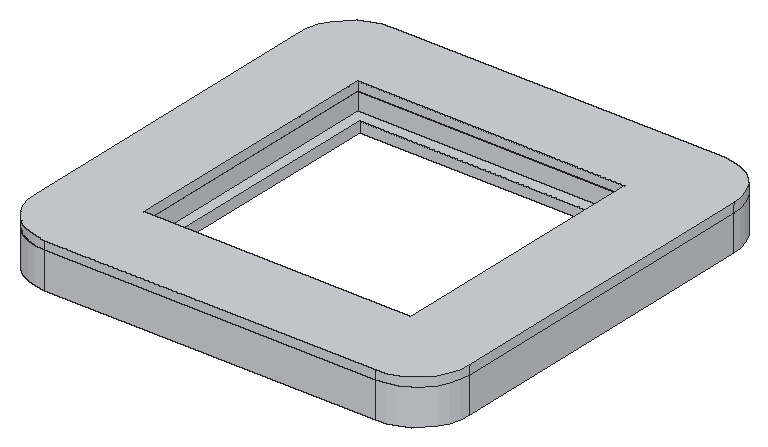
Revit family "Gira_0211427", category Electrical Fixtures, host Face, Revit 2017
Family settings
  Host = Face
  Maintain Annotation Orientation = No
  Round Connector Dimension = Use Diameter
  Part Type = Normal
  Cut with Voids When Loaded = No
  Shared = No
  Room Calculation Point = No
Parameters (values of type "Abdeckrahmen 1f Gira E3 Sand/Anthrazit")
  Werkstoffgüte = "sonstige"
  Werkstoff = "sonstige"
  URL = "http://katalog.gira.de/de_DE/datenblatt.html?artikelnr=0211427"
  Transparent = "No"
  Textfeld/Beschriftungsfläche = "No"
  Schutzart (IP) = "IP20"
  Region = "DE"
  Oberfläche = "metallic"
  Name = "Abdeckrahmen 1f Gira E3 Sand/Anthrazit"
  Montagerichtung = "horizontal und vertikal"
  Mit Montagerahmen = "No"
  Mit Klappdeckel = "No"
  Manufacturer URL = "https://www.gira.de/"
  Keynote = "E3_Rahmen_1fach"
  HeinzeBIM = "https://bimportal.heinze.de/bim/abdeckrahmen-1f-gira-e3-sand-anthrazit/879f49f76cd505f873595ebd3b0ae41e0b3dd188"
  Halogenfrei = "No"
  HAN = "0211427"
  Geeignet für Unterputz-Installation = "Yes"
  Geeignet für Unterflurkanaldose = "No"
  Geeignet für Geräteeinbaukanal = "No"
  Geeignet für Einbauinstallation = "No"
  GTIN = "4010337024576"
  Farbe = "sonstige"
  Default Elevation = 1219.2 mm
  Data sheet (1) = "https://katalog.gira.de/de_DE/download.html?artikelnr=0211427"
  Category = "Abdeckrahmen"
  Befestigungsart = "Klemmbefestigung"
  Available = "Yes"
  Anzahl der Einheiten vertikal = "1 "
  Anzahl der Einheiten horizontal = "1 "
  Anzahl der Einheiten = "1 "
Reference planes
  plane 1 "Center (Front/Back)": y = 0
  plane 2: z = 0
  plane 3 "Center (Left/Right)": x = 0
Forms (mm)
  Extrusion 1, solid, detail levels fine
    sketch origin (0, 0, 0) x (1, 0, 0) y (0, 1, 0)
      loop
        arc (-34.8, 45.809) -> (-42.585, 42.585) -> (-45.809, 34.8) r 11.009
        line (-45.809, 34.8) -> (-45.809, -34.8)
        arc (-45.809, -34.8) -> (-42.585, -42.585) -> (-34.8, -45.809) r 11.009
        line (-34.8, -45.809) -> (34.8, -45.809)
        arc (34.8, -45.809) -> (42.585, -42.585) -> (45.809, -34.8) r 11.009
        line (45.809, -34.8) -> (45.809, 34.8)
        arc (45.809, 34.8) -> (42.585, 42.585) -> (34.8, 45.809) r 11.009
        line (34.8, 45.809) -> (-34.8, 45.809)
      loop
        line (28.187, 28.156) -> (-28.187, 28.156) -> (-28.187, -28.156) -> (28.187, -28.156) -> (28.187, 28.156)
    from 7.65 to 9.5
  Extrusion 2, solid, detail levels fine
    sketch origin (0, 0, 0) x (1, 0, 0) y (0, 1, 0)
      loop
        line (25.7, 25.7) -> (-25.7, 25.7) -> (-25.7, -25.7) -> (25.7, -25.7) -> (25.7, 25.7)
      loop
        line (-28.187, -28.156) -> (28.187, -28.156) -> (28.187, 28.156) -> (-28.187, 28.156) -> (-28.187, -28.156)
    from 1.65 to 3.9
  Extrusion 3, solid, detail levels fine
    sketch origin (0, 0, 0) x (1, 0, 0) y (0, 1, 0)
      loop
        arc (-34.8, 45.809) -> (-42.585, 42.585) -> (-45.809, 34.8) r 11.009
        line (-45.809, 34.8) -> (-45.809, -34.8)
        arc (-45.809, -34.8) -> (-42.585, -42.585) -> (-34.8, -45.809) r 11.009
        line (-34.8, -45.809) -> (34.8, -45.809)
        arc (34.8, -45.809) -> (42.585, -42.585) -> (45.809, -34.8) r 11.009
        line (45.809, -34.8) -> (45.809, 34.8)
        arc (45.809, 34.8) -> (42.585, 42.585) -> (34.8, 45.809) r 11.009
        line (34.8, 45.809) -> (-34.8, 45.809)
      loop
        line (-43.843, 34.785) -> (-43.843, -34.785)
        arc (-43.843, -34.785) -> (-41.19, -41.19) -> (-34.785, -43.843) r 9.058
        line (-34.785, -43.843) -> (34.785, -43.843)
        arc (34.785, -43.843) -> (41.19, -41.19) -> (43.843, -34.785) r 9.058
        line (43.843, -34.785) -> (43.843, 34.785)
        arc (43.843, 34.785) -> (41.19, 41.19) -> (34.785, 43.843) r 9.058
        line (34.785, 43.843) -> (-34.785, 43.843)
        arc (-34.785, 43.843) -> (-41.19, 41.19) -> (-43.843, 34.785) r 9.058
    from 0 to 7.65
  Extrusion 4, solid, detail levels fine
    sketch origin (0, 0, 0) x (1, 0, 0) y (0, 1, 0)
      loop
        line (-27.337, -31.075) -> (27.337, -31.075)
        arc (27.337, -31.075) -> (29.98, -29.98) -> (31.075, -27.337) r 3.739
        line (31.075, -27.337) -> (31.075, 27.337)
        arc (31.075, 27.337) -> (29.98, 29.98) -> (27.337, 31.075) r 3.739
        line (27.337, 31.075) -> (-27.337, 31.075)
        arc (-27.337, 31.075) -> (-29.98, 29.98) -> (-31.075, 27.337) r 3.739
        line (-31.075, 27.337) -> (-31.075, -27.337)
        arc (-31.075, -27.337) -> (-29.98, -29.98) -> (-27.337, -31.075) r 3.739
      loop
        line (-29.925, 27.537) -> (-29.925, -27.537)
        arc (-29.925, -27.537) -> (-29.226, -29.226) -> (-27.537, -29.925) r 2.389
        line (-27.537, -29.925) -> (27.537, -29.925)
        arc (27.537, -29.925) -> (29.226, -29.226) -> (29.925, -27.537) r 2.389
        line (29.925, -27.537) -> (29.925, 27.537)
        arc (29.925, 27.537) -> (29.226, 29.226) -> (27.537, 29.925) r 2.389
        line (27.537, 29.925) -> (-27.537, 29.925)
        arc (-27.537, 29.925) -> (-29.226, 29.226) -> (-29.925, 27.537) r 2.389
    from 1.65 to 7.65
  Extrusion 5, solid, detail levels fine
    sketch origin (0, 0, 0) x (1, 0, 0) y (0, 1, 0)
      loop
        line (-32.053, -39.8) -> (32.053, -39.8)
        arc (32.053, -39.8) -> (37.667, -36.708) -> (39.9, -30.7) r 9.2
        line (39.9, -30.7) -> (39.9, 30.7)
        arc (39.9, 30.7) -> (37.205, 37.205) -> (30.7, 39.9) r 9.2
        line (30.7, 39.9) -> (-30.7, 39.9)
        arc (-30.7, 39.9) -> (-37.205, 37.205) -> (-39.9, 30.7) r 9.2
        line (-39.9, 30.7) -> (-39.9, -30.7)
        arc (-39.9, -30.7) -> (-37.667, -36.708) -> (-32.053, -39.8) r 9.2
      loop
        line (-30.7, -31.7) -> (30.7, -31.7)
        arc (30.7, -31.7) -> (31.407, -31.407) -> (31.7, -30.7) r 1
        line (31.7, -30.7) -> (31.7, 30.7)
        arc (31.7, 30.7) -> (31.407, 31.407) -> (30.7, 31.7) r 1
        line (30.7, 31.7) -> (-30.7, 31.7)
        arc (-30.7, 31.7) -> (-31.407, 31.407) -> (-31.7, 30.7) r 1
        line (-31.7, 30.7) -> (-31.7, -30.7)
        arc (-31.7, -30.7) -> (-31.407, -31.407) -> (-30.7, -31.7) r 1
    from 1.65 to 3.9
  Extrusion 6, solid, detail levels fine
    sketch origin (0, 0, 0) x (1, 0, 0) y (0, 1, 0)
      loop
        line (-28.187, 28.156) -> (-28.187, -28.156) -> (28.187, -28.156) -> (28.187, 28.156) -> (-28.187, 28.156)
      loop
        line (-29.925, 29.925) -> (-29.925, -29.925) -> (29.925, -29.925) -> (29.925, 29.925) -> (-29.925, 29.925)
    from 1.65 to 7.65
  Extrusion 7, solid, detail levels coarse+medium
    sketch origin (0, 0, 0) x (1, 0, 0) y (0, 1, 0)
      loop
        line (-45.809, 45.809) -> (-45.809, -45.809) -> (45.809, -45.809) -> (45.809, 45.809) -> (-45.809, 45.809)
    from 0 to 9.5
Dimensions and locks
  aligned and locked: plane 2 to host face
  aligned and locked: level to host face
